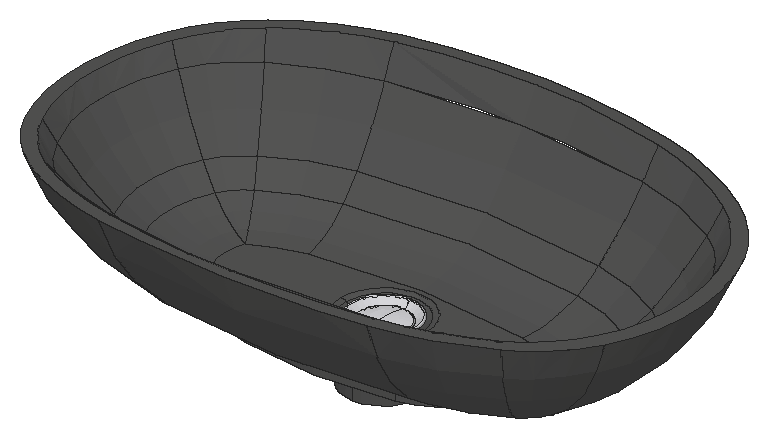
Revit family "Sink-Vessel-Lavatory-KALLISTA-Argile-P70368.rfa_", category Plumbing Fixtures, host Face, Revit 2021
Family settings
  Host = Face
  Round Connector Dimension = Use Diameter
  Part Type = Normal
  OmniClass Number = 23.31.13.00
  OmniClass Title = Sinks
  Cut with Voids When Loaded = No
  Shared = No
  Room Calculation Point = No
Parameters (values of type "HB1-Honed Black")
  Width = 13 7/256"  # constant formula
  WaterSense Certified = 1 = 0  # no
  Waste Water Outlet = "Waste Water Outlet"  # constant formula
  Waste Connection = 1 = 1  # yes
  Vent Connection = 1 = 0  # no
  URL = "https://www.kallista.com/"
  Type = 1
  Product Page URL = ""
  Product Name = "Argile"  # constant formula
  Product Documentation Link = ""
  Model = if(Type = 1, "P70368-00-HB1", if(Type = 2, "P70368-00-HW1", "NA"))  # "P70368-00-HB1"
  Material = "Cast Stone"  # constant formula
  Master Format 2014 Name = "Residential Lavatories and Sinks"  # constant formula
  Master Format 2014 = "22 41 16"  # constant formula
  Manufacturer Address = "444 Highland Dr.Kohler, WI 53044"  # constant formula
  Manufacturer = "Kallista Co."  # constant formula
  Length = 19 63/64"  # constant formula
  Hot Water Inlet = "Hot Water Inlet"  # constant formula
  Height = 5 27/32"  # constant formula
  HW Connection = 1 = 0  # no
  Finish = Kallista-Cast_Stone-HB1-Honed_Black
  Environmental Product Declaration = ""
  Drain Included = 1 = 0  # no
  Description = "Edge Vessel"  # constant formula
  Default Elevation = 36"
  Declare Label = ""
  Date Modified = "02/06/2024"  # constant formula
  Date Created = "02/06/2024"  # constant formula
  Copyright = "Copyright Kallista Co."  # constant formula
  Contact Us = "https://www.kallista.com/corporate/contact-us/"
  Cold Water Inlet = "Cold Water Inlet"  # constant formula
  CW Connection = 1 = 0  # no
  Assembly Code = "D2010400"
  ADA Compliant = 1 = 0  # no
Types (3): name | Type | Product Page URL | Product Documentation Link | Model | Finish
  (no name) | 1 | "" | "" | "P70368-00-HB1" | Kallista-Cast_Stone-HB1-Honed_Black
  HB1-Honed Black | 1 | "" | "" | "P70368-00-HB1" | Kallista-Cast_Stone-HB1-Honed_Black
  HW1-Honed White | 2 | "https://www.kallista.com/bathroom/sinks/vessels/argile-by-workshop-apd-vessel-p70368-00-hw1" | "https://resources.kohler.com/interiors/kallista/pdf/1377393-4.pdf" | "P70368-00-HW1" | Kallista-Cast_Stone-HW1-Honed_White
Reference planes (in)
  plane 1 "Center (Front/Back)": y = 0
  plane 2: z = 0
  plane 3 "Center (Left/Right)": x = 0
  plane 4: y = 6.51312
  plane 5: y = -6.51422
  plane 6: x = 9.98916
  plane 7: x = -9.99522
  plane 8: z = 4.40626
  plane 9: z = -1.43749
Forms (in)
  Extrusion 1, void
    sketch origin (0, 0, 0) x (1, 0, 0) y (0, 1, 0)
      loop
        arc (-2.43929, 2.64554) -> (-4.61565, 0) -> (-2.43929, -2.64554) r 2.69611
        arc (-2.43929, -2.64554) -> (0, -2.88288) -> (2.43929, -2.64554) r 12.65359
        arc (2.43929, -2.64554) -> (4.61565, 0) -> (2.43929, 2.64554) r 2.69611
        arc (2.43929, 2.64554) -> (0, 2.88288) -> (-2.43929, 2.64554) r 12.65359
    from -1.4366 to 0
Dimensions and locks (in)
  "Length": plane 7 to plane 6
  "Width": plane 4 to plane 5
  "Height": plane 8 to plane 9
  aligned and locked: plane 2 to host face
  aligned and locked: level to host face
Automatic sketch dimensions
  host sketch curve to host sketch curve = 96"  (x2)
  plane 1 "Center (Front/Back)" to Extrusion 1 sketch curve = 0"  (x2)
  Extrusion 1 sketch curve to plane 3 "Center (Left/Right)" = 0"  (x2)
  Extrusion 1 sketch curve to plane 3 "Center (Left/Right)" = 1.91954"
  plane 3 "Center (Left/Right)" to Extrusion 1 sketch curve = 1.91954"
  Extrusion 1 sketch curve to plane 5 = 3.25648"
  plane 4 to Extrusion 1 sketch curve = 3.25759"
  Extrusion 1 sketch curve to plane 3 "Center (Left/Right)" = 2.43929"  (x2)
  Extrusion 1 sketch curve to Extrusion 1 sketch curve = 0"  (x2)
Nested families (in)
  nested 1: "P70368" at (0, 0, 0), type "P70368"
Definition of nested family "P70368"
  Parameters
    Material = none
    Default Elevation = 0"
  Reference planes (in)
    plane 1 "Center (Front/Back)": y = 0
    plane 2: z = 0
    plane 3 "Center (Left/Right)": x = 0
    plane 4: x = 9.98916
    plane 5: x = -9.99572
    plane 6: z = -1.4366
    plane 7: y = 6.51312
    plane 8: y = -6.51465
    plane 9: z = 4.40626
  Forms (in)
    Sweep 1, solid, material <- "Material", detail levels medium+fine
      path origin (0, 0, 0) x (1, 0, 0) y (0, 1, 0)
        loop
          arc (-4.32192, 6.06221) -> (-6.01707, 5.58478) -> (-7.59236, 4.79745) r 9.33418
          arc (-7.59236, 4.79745) -> (-8.62435, 3.93515) -> (-9.38211, 2.82413) r 4.88497
          arc (-9.38211, 2.82413) -> (-10.04408, 0) -> (-9.38211, -2.82413) r 6.35524
          arc (-9.38211, -2.82413) -> (-8.62435, -3.93515) -> (-7.59236, -4.79745) r 4.88497
          arc (-7.59236, -4.79745) -> (-6.01707, -5.58478) -> (-4.32192, -6.06221) r 9.33418
          arc (-4.32192, -6.06221) -> (0, -6.45237) -> (4.32192, -6.06221) r 24.13292
          arc (4.32192, -6.06221) -> (6.01707, -5.58478) -> (7.59236, -4.79745) r 9.33418
          arc (7.59236, -4.79745) -> (8.62435, -3.93515) -> (9.38211, -2.82413) r 4.88497
          arc (9.38211, -2.82413) -> (10.04408, 0) -> (9.38211, 2.82413) r 6.35524
          arc (9.38211, 2.82413) -> (8.62435, 3.93515) -> (7.59236, 4.79745) r 4.88497
          arc (7.59236, 4.79745) -> (6.01707, 5.58478) -> (4.32192, 6.06221) r 9.33418
          arc (4.32192, 6.06221) -> (0, 6.45237) -> (-4.32192, 6.06221) r 24.13292
      profile origin (-10.04408, 0, 0) x (-1, 0, 0) y (0, 0, 1)
        loop
          line (0.14724, 4.73441) -> (-0.16412, 4.73441)
          arc (-0.16412, 4.73441) -> (-0.50733, 4.1169) -> (-0.86407, 3.50711) r 32.04005
          arc (-0.86407, 3.50711) -> (-1.54047, 2.51931) -> (-2.33036, 1.61968) r 9.97303
          arc (-2.33036, 1.61968) -> (-2.67351, 1.30758) -> (-3.04729, 1.03291) r 4.44849
          arc (-3.04729, 1.03291) -> (-3.92506, 0.62376) -> (-4.88328, 0.48346) r 3.34219
          line (-4.88328, 0.48346) -> (-4.88328, 0.08976)
          arc (-4.88328, 0.08976) -> (-4.01437, 0.1973) -> (-3.1979, 0.51344) r 3.564
          arc (-3.1979, 0.51344) -> (-1.08864, 2.27784) -> (0.14724, 4.73441) r 6.78576
    Revolve 2, solid, material <- "Material", detail levels medium+fine
      sketch origin (0, 0, 0) x (0, 1, 0) y (0, 0, 1)
        loop
          line (0.59055, -1.4366) -> (1.25765, -1.4366) -> (1.30839, -0.32442)
          arc (1.30839, -0.32442) -> (1.40289, -0.03891) -> (1.63232, 0.15552) r 0.55559
          line (1.63232, 0.15552) -> (0.59055, 0.15552) -> (0.59055, -1.4366)
        axis (0, 0.15552) -> (0, -1.4366)
      angle from 0 to 360
    Revolve 3, solid, detail levels medium+fine
      sketch origin (0, 0, 0) x (0, 1, 0) y (0, 0, 1)
        loop
          arc (0.75418, 0.33515) -> (0.38031, 0.40911) -> (0, 0.4339) r 2.92941
          line (0, 0.4339) -> (0, -1.38472) -> (0.13032, -1.38472) -> (0.13032, -1.10325) -> (0.31326, -1.10325) -> (0.31326, -0.95971) -> (0.37394, -0.95971) -> (0.37394, -0.12944) -> (0.43502, -0.12944) -> (0.43502, -0.08804) -> (0.47983, 0.0421)
          arc (0.47983, 0.0421) -> (0.46065, 0.05172) -> (0.45292, 0.07174) r 0.02977
          line (0.45292, 0.07174) -> (0.45292, 0.20999)
          arc (0.45292, 0.20999) -> (0.45883, 0.22427) -> (0.47312, 0.23019) r 0.0202
          line (0.47312, 0.23019) -> (0.53008, 0.23019) -> (0.53008, 0.27028) -> (0.7599, 0.27028) -> (0.76957, 0.30907)
          arc (0.76957, 0.30907) -> (0.76722, 0.32526) -> (0.75418, 0.33515) r 0.02159
        loop
          line (0.70224, -0.19772) -> (0.74221, -0.19772) -> (0.78912, 0.18437) -> (1.04845, 0.4437)
          arc (1.04845, 0.4437) -> (1.04845, 0.4764) -> (1.01574, 0.4764) r 0.02313
          line (1.01574, 0.4764) -> (0.75272, 0.21337) -> (0.70224, -0.19772)
        axis (0, -1.38472) -> (0, 0.4764)
      angle from 0 to 360
    Extrusion 4, solid, material <- "Material", detail levels medium+fine
      sketch origin (0, 0, 0) x (1, 0, 0) y (0, 1, 0)
        loop
          arc (-5.00726, -0.65454) -> (-4.25592, -1.03014) -> (-3.44739, -1.25788) r 4.4509
          arc (-3.44739, -1.25788) -> (0, -1.56909) -> (3.44739, -1.25788) r 19.24964
          arc (3.44739, -1.25788) -> (4.25592, -1.03014) -> (5.00726, -0.65454) r 4.4509
          arc (5.00726, -0.65454) -> (5.1608, 0) -> (5.00726, 0.65454) r 1.47196
          arc (5.00726, 0.65454) -> (4.25592, 1.03014) -> (3.44739, 1.25788) r 4.4509
          arc (3.44739, 1.25788) -> (0, 1.56909) -> (-3.44739, 1.25788) r 19.24964
          arc (-3.44739, 1.25788) -> (-4.25592, 1.03014) -> (-5.00726, 0.65454) r 4.4509
          arc (-5.00726, 0.65454) -> (-5.1608, 0) -> (-5.00726, -0.65454) r 1.47196
      from 0.08976 to 0.48346
    Sweep 5, void
      path origin (0, 0, 0) x (1, 0, 0) y (0, 0, 1)
        loop
          arc (-11.86746, 3.95344) -> (0.04197, 4.45204) -> (11.95144, 3.95473) r 142.66776
      profile origin (0.04197, 0, 4.45204) x (-0.000054, 0, 1) y (0, -1, 0)
        loop
          line (-0.01122, 6.64706) -> (-0.01122, -6.73877) -> (0.97303, -6.73877) -> (0.97303, 6.64706) -> (-0.01122, 6.64706)
    Revolve 6, void
      sketch origin (0, 0, 0) x (1, 0, 0) y (0, 0, 1)
        loop
          line (-1.22748, 0.43125) -> (-0.88813, 0.19363)
          arc (-0.88813, 0.19363) -> (-0.87446, 0.16995) -> (-0.86971, 0.14302) r 0.07874
          line (-0.86971, 0.14302) -> (-0.86971, -1.14464) -> (0, -1.14464) -> (0, 0.48346) -> (-1.39306, 0.48346)
          arc (-1.39306, 0.48346) -> (-1.30625, 0.4701) -> (-1.22748, 0.43125) r 0.28867
        axis (0, -1.14464) -> (0, 0.48346)
      angle from 0 to 360
    Sweep 7, solid, material <- "Material", detail levels coarse
      path origin (0, 0, 0) x (1, 0, 0) y (0, 1, 0)
        loop
          arc (-4.32192, 6.06221) -> (-6.01707, 5.58478) -> (-7.59236, 4.79745) r 9.33418
          arc (-7.59236, 4.79745) -> (-8.62435, 3.93515) -> (-9.38211, 2.82413) r 4.88497
          arc (-9.38211, 2.82413) -> (-10.04408, 0) -> (-9.38211, -2.82413) r 6.35524
          arc (-9.38211, -2.82413) -> (-8.62435, -3.93515) -> (-7.59236, -4.79745) r 4.88497
          arc (-7.59236, -4.79745) -> (-6.01707, -5.58478) -> (-4.32192, -6.06221) r 9.33418
          arc (-4.32192, -6.06221) -> (0, -6.45237) -> (4.32192, -6.06221) r 24.13292
          arc (4.32192, -6.06221) -> (6.01707, -5.58478) -> (7.59236, -4.79745) r 9.33418
          arc (7.59236, -4.79745) -> (8.62435, -3.93515) -> (9.38211, -2.82413) r 4.88497
          arc (9.38211, -2.82413) -> (10.04408, 0) -> (9.38211, 2.82413) r 6.35524
          arc (9.38211, 2.82413) -> (8.62435, 3.93515) -> (7.59236, 4.79745) r 4.88497
          arc (7.59236, 4.79745) -> (6.01707, 5.58478) -> (4.32192, 6.06221) r 9.33418
          arc (4.32192, 6.06221) -> (0, 6.45237) -> (-4.32192, 6.06221) r 24.13292
      profile origin (-10.04408, 0, 0) x (-1, 0, 0) y (0, 0, 1)
        loop
          line (0.05028, 4.40626) -> (-0.45478, 4.40626)
          arc (-0.45478, 4.40626) -> (-0.6572, 4.05381) -> (-0.86407, 3.70396) r 32.04005
          arc (-0.86407, 3.70396) -> (-1.54047, 2.71616) -> (-2.33036, 1.81653) r 9.97303
          arc (-2.33036, 1.81653) -> (-2.67351, 1.50443) -> (-3.04729, 1.22976) r 4.44849
          arc (-3.04729, 1.22976) -> (-3.92506, 0.82061) -> (-4.88328, 0.68031) r 3.34219
          line (-4.88328, 0.68031) -> (-4.88328, 0.08976)
          arc (-4.88328, 0.08976) -> (-4.01437, 0.1973) -> (-3.1979, 0.51344) r 3.564
          arc (-3.1979, 0.51344) -> (-1.19659, 2.1451) -> (0.05028, 4.40626) r 6.78576
    Extrusion 8, solid, material <- "Material", detail levels coarse
      sketch origin (0, 0, 0) x (1, 0, 0) y (0, 1, 0)
        loop
          arc (-5.00726, 0.65454) -> (-5.1608, 0) -> (-5.00726, -0.65454) r 1.47196
          arc (-5.00726, -0.65454) -> (-4.25592, -1.03014) -> (-3.44739, -1.25788) r 4.4509
          arc (-3.44739, -1.25788) -> (0, -1.56909) -> (3.44739, -1.25788) r 19.24964
          arc (3.44739, -1.25788) -> (4.25592, -1.03014) -> (5.00726, -0.65454) r 4.4509
          arc (5.00726, -0.65454) -> (5.1608, 0) -> (5.00726, 0.65454) r 1.47196
          arc (5.00726, 0.65454) -> (4.25592, 1.03014) -> (3.44739, 1.25788) r 4.4509
          arc (3.44739, 1.25788) -> (0, 1.56909) -> (-3.44739, 1.25788) r 19.24964
          arc (-3.44739, 1.25788) -> (-4.25592, 1.03014) -> (-5.00726, 0.65454) r 4.4509
      from 0.08976 to 0.68031
    Revolve 9, solid, material <- "Material", detail levels coarse
      sketch origin (0, 0, 0) x (0, 1, 0) y (0, 0, 1)
        loop
          line (0, -1.4366) -> (1.37795, -1.4366) -> (1.37795, 0.15552) -> (0, 0.15552) -> (0, -1.4366)
        axis (0, 0.15552) -> (0, -1.4366)
      angle from 0 to 360
    Extrusion 10, solid, material <- "Material", detail levels medium+fine
      sketch origin (0, 0, 0) x (1, 0, 0) y (0, 1, 0)
        loop
          arc (-2.4295, -2.59571) -> (0, -2.8321) -> (2.4295, -2.59571) r 12.60281
          arc (2.4295, -2.59571) -> (4.56487, 0) -> (2.4295, 2.59571) r 2.64533
          arc (2.4295, 2.59571) -> (0, 2.8321) -> (-2.4295, 2.59571) r 12.60281
          arc (-2.4295, 2.59571) -> (-4.56487, 0) -> (-2.4295, -2.59571) r 2.64533
      from -0.00782 to 0.4013
  Cuts and joins
    Sweep 5, Revolve 6 cuts Sweep 1
    Revolve 6 cuts Extrusion 4
    Revolve 6 cuts Extrusion 10
    joined: Sweep 1, Extrusion 4, Extrusion 10
    joined: Sweep 7, Extrusion 8, Revolve 9
  Lines and regions (in)
    Masking region 1
      outline origin (0, 0, 0) x (1, 0, 0) y (0, 1, 0)
        loop
          spline (-7.62124, 4.77009) -> (-7.80152, 4.64553) -> (-7.97606, 4.51304) -> (-8.14452, 4.37287) -> (-8.30654, 4.2253) -> (-8.46181, 4.07064) -> (-8.61003, 3.90918) -> (-8.75089, 3.74125) -> (-8.88411, 3.5672) -> (-9.00943, 3.38735) -> (-9.12659, 3.20208) -> (-9.23537, 3.01175) -> (-9.33554, 2.81674)
          spline (-9.33554, 2.81674) -> (-9.53489, 2.37218) -> (-9.69957, 1.91414) -> (-9.82863, 1.44521) -> (-9.92134, 0.96806) -> (-9.97718, 0.4854) -> (-9.99583, -0.00002) -> (-9.97718, -0.48543) -> (-9.92133, -0.96809) -> (-9.82862, -1.44524) -> (-9.69956, -1.91417) -> (-9.53488, -2.37221) -> (-9.33553, -2.81676)
          spline (-9.33553, -2.81676) -> (-9.23531, -3.01181) -> (-9.12649, -3.20218) -> (-9.00929, -3.38748) -> (-8.88393, -3.56736) -> (-8.75067, -3.74145) -> (-8.60977, -3.90939) -> (-8.46153, -4.07087) -> (-8.30622, -4.22555) -> (-8.14416, -4.37313) -> (-7.97569, -4.51331) -> (-7.80112, -4.64581) -> (-7.62081, -4.77037)
          spline (-7.62081, -4.77037) -> (-7.37106, -4.92775) -> (-7.11638, -5.07704) -> (-6.85702, -5.2181) -> (-6.59327, -5.35076) -> (-6.32538, -5.4749) -> (-6.05364, -5.59039) -> (-5.77832, -5.6971) -> (-5.4997, -5.79494) -> (-5.21808, -5.88379) -> (-4.93374, -5.96357) -> (-4.64698, -6.0342) -> (-4.35809, -6.0956)
          spline (-4.35809, -6.0956) -> (-3.63854, -6.22306) -> (-2.9152, -6.32754) -> (-2.18883, -6.40892) -> (-1.46017, -6.46713) -> (-0.72999, -6.5021) -> (0.00095, -6.5138) -> (0.73189, -6.50221) -> (1.46208, -6.46734) -> (2.19075, -6.40924) -> (2.91715, -6.32796) -> (3.64051, -6.22358) -> (4.36009, -6.09622)
          spline (4.36009, -6.09622) -> (4.64885, -6.03484) -> (4.93549, -5.96426) -> (5.2197, -5.88452) -> (5.50119, -5.79574) -> (5.77969, -5.69798) -> (6.05489, -5.59136) -> (6.32652, -5.47597) -> (6.5943, -5.35195) -> (6.85795, -5.21942) -> (7.1172, -5.07851) -> (7.37179, -4.92938) -> (7.62146, -4.77216)
          spline (7.62146, -4.77216) -> (7.79928, -4.6495) -> (7.97154, -4.51912) -> (8.13789, -4.38127) -> (8.29801, -4.23622) -> (8.45159, -4.08426) -> (8.59834, -3.92567) -> (8.73796, -3.76077) -> (8.8702, -3.58987) -> (8.99479, -3.4133) -> (9.11148, -3.23141) -> (9.22007, -3.04456) -> (9.32032, -2.85309)
          spline (9.32032, -2.85309) -> (9.52213, -2.40366) -> (9.68888, -1.94019) -> (9.81962, -1.46539) -> (9.91358, -0.98203) -> (9.9702, -0.49293) -> (9.98916, -0.00096) -> (9.97035, 0.49102) -> (9.91387, 0.98013) -> (9.82006, 1.46352) -> (9.68946, 1.93836) -> (9.52285, 2.40188) -> (9.32118, 2.85137)
          spline (9.32118, 2.85137) -> (9.22091, 3.04299) -> (9.11231, 3.23) -> (8.99559, 3.41203) -> (8.87098, 3.58874) -> (8.73871, 3.75978) -> (8.59904, 3.92481) -> (8.45224, 4.08352) -> (8.29861, 4.23561) -> (8.13843, 4.38076) -> (7.97202, 4.51871) -> (7.7997, 4.64919) -> (7.62181, 4.77193)
          spline (7.62181, 4.77193) -> (7.37215, 4.92917) -> (7.11758, 5.07833) -> (6.85834, 5.21926) -> (6.59471, 5.35181) -> (6.32695, 5.47584) -> (6.05534, 5.59123) -> (5.78016, 5.69786) -> (5.50169, 5.79562) -> (5.22023, 5.88442) -> (4.93604, 5.96415) -> (4.64944, 6.03473) -> (4.36071, 6.0961)
          spline (4.36071, 6.0961) -> (3.64113, 6.22348) -> (2.91776, 6.32788) -> (2.19137, 6.40918) -> (1.46269, 6.4673) -> (0.73251, 6.50219) -> (0.00156, 6.5138) -> (-0.72939, 6.50212) -> (-1.45957, 6.46717) -> (-2.18823, 6.40898) -> (-2.91461, 6.32762) -> (-3.63795, 6.22316) -> (-4.35751, 6.09571)
          spline (-4.35751, 6.09571) -> (-4.6465, 6.03429) -> (-4.93336, 5.96364) -> (-5.2178, 5.88383) -> (-5.49951, 5.79495) -> (-5.77822, 5.69708) -> (-6.05363, 5.59033) -> (-6.32545, 5.47481) -> (-6.59342, 5.35064) -> (-6.85725, 5.21794) -> (-7.11667, 5.07685) -> (-7.37142, 4.92751) -> (-7.62124, 4.77009)
    Masking region 2
      outline origin (0, 0, 0) x (1, 0, 0) y (0, 0, 1)
        loop
          arc (-9.98393, 4.0917) -> (-9.72938, 3.47241) -> (-9.40152, 2.8886) r 5.5044
          arc (-9.40152, 2.8886) -> (-8.46654, 1.7241) -> (-7.31132, 0.77767) r 7.19599
          arc (-7.31132, 0.77767) -> (-6.37589, 0.31737) -> (-5.35559, 0.10312) r 4.17611
          line (-5.35559, 0.10312) -> (-5.04608, 0.03167) -> (-5.04608, 0) -> (-1.62167, 0)
          arc (-1.62167, 0) -> (-1.40588, -0.08651) -> (-1.30962, -0.29813) r 0.31237
          line (-1.30962, -0.29813) -> (-1.25765, -1.4366) -> (1.25765, -1.4366) -> (1.30962, -0.29813)
          arc (1.30962, -0.29813) -> (1.40588, -0.08651) -> (1.62167, 0) r 0.31237
          line (1.62167, 0) -> (5.04608, 0) -> (5.04608, 0.03167) -> (5.35559, 0.10312)
          arc (5.35559, 0.10312) -> (6.37589, 0.31737) -> (7.31132, 0.77767) r 4.17611
          arc (7.31132, 0.77767) -> (8.46654, 1.7241) -> (9.40152, 2.8886) r 7.19599
          arc (9.40152, 2.8886) -> (9.73095, 3.47564) -> (9.98625, 4.09851) r 5.5044
          arc (9.98625, 4.09851) -> (0.00104, 4.44498) -> (-9.98393, 4.0917) r 142.65654
    Masking region 3
      outline origin (0, 0, 0) x (0, 1, 0) y (0, 0, 1)
        loop
          arc (5.89773, 4.40626) -> (5.80308, 4.39263) -> (5.70847, 4.37875) r 35.76896
          spline (5.70847, 4.37875) -> (5.6489, 4.37037) -> (5.5805, 4.36158) -> (5.50333, 4.35238) -> (5.41748, 4.34278) -> (5.32303, 4.3328) -> (5.22008, 4.32244) -> (5.10874, 4.31171) -> (4.98913, 4.30063) -> (4.86136, 4.2892) -> (4.72557, 4.27744) -> (4.58191, 4.26536) -> (4.43051, 4.25298)
          spline (4.43051, 4.25298) -> (4.31459, 4.24433) -> (4.19123, 4.23583) -> (4.06067, 4.2275) -> (3.92318, 4.21936) -> (3.77905, 4.21142) -> (3.62856, 4.2037) -> (3.47203, 4.19622) -> (3.30977, 4.18898) -> (3.14212, 4.18201) -> (2.96942, 4.17532) -> (2.79202, 4.16893) -> (2.61028, 4.16283)
          arc (2.61028, 4.16283) -> (0, 4.1207) -> (-2.61028, 4.16283) r 80.88149
          spline (-2.61028, 4.16283) -> (-2.79202, 4.16893) -> (-2.96942, 4.17532) -> (-3.14212, 4.18201) -> (-3.30977, 4.18898) -> (-3.47203, 4.19622) -> (-3.62856, 4.2037) -> (-3.77905, 4.21142) -> (-3.92318, 4.21936) -> (-4.06067, 4.2275) -> (-4.19123, 4.23583) -> (-4.31459, 4.24433) -> (-4.43051, 4.25298)
          spline (-4.43051, 4.25298) -> (-4.58191, 4.26536) -> (-4.72557, 4.27744) -> (-4.86136, 4.2892) -> (-4.98913, 4.30063) -> (-5.10874, 4.31171) -> (-5.22008, 4.32244) -> (-5.32303, 4.3328) -> (-5.41748, 4.34278) -> (-5.50333, 4.35238) -> (-5.5805, 4.36158) -> (-5.6489, 4.37037) -> (-5.70847, 4.37875)
          arc (-5.70847, 4.37875) -> (-5.80308, 4.39263) -> (-5.89773, 4.40626) r 35.76896
          line (-5.89773, 4.40626) -> (-6.50473, 4.40626)
          arc (-6.50473, 4.40626) -> (-6.43896, 4.19441) -> (-6.36472, 3.98539) r 5.50934
          arc (-6.36472, 3.98539) -> (-5.96022, 3.0287) -> (-5.48315, 2.10606) r 13.45766
          arc (-5.48315, 2.10606) -> (-5.1316, 1.59148) -> (-4.69937, 1.14253) r 3.73444
          arc (-4.69937, 1.14253) -> (-4.42734, 0.90537) -> (-4.15351, 0.67029) r 47.41758
          arc (-4.15351, 0.67029) -> (-3.86363, 0.43285) -> (-3.56479, 0.20681) r 9.68575
          arc (-3.56479, 0.20681) -> (-3.4493, 0.13883) -> (-3.32295, 0.09419) r 0.6975
          arc (-3.32295, 0.09419) -> (-3.26939, 0.0753) -> (-3.22041, 0.04657) r 0.29706
          line (-3.22041, 0.04657) -> (-3.22041, 0) -> (-1.61591, 0)
          arc (-1.61591, 0) -> (-1.41065, -0.08189) -> (-1.31813, -0.28258) r 0.29819
          line (-1.31813, -0.28258) -> (-1.25765, -1.4366) -> (1.25765, -1.4366) -> (1.31813, -0.28258)
          arc (1.31813, -0.28258) -> (1.41065, -0.08189) -> (1.61591, 0) r 0.29819
          line (1.61591, 0) -> (3.22041, 0) -> (3.22041, 0.04657)
          arc (3.22041, 0.04657) -> (3.26939, 0.0753) -> (3.32295, 0.09419) r 0.29706
          arc (3.32295, 0.09419) -> (3.4493, 0.13883) -> (3.56479, 0.20681) r 0.6975
          arc (3.56479, 0.20681) -> (3.86363, 0.43285) -> (4.15351, 0.67029) r 9.68575
          arc (4.15351, 0.67029) -> (4.42734, 0.90537) -> (4.69937, 1.14253) r 47.41758
          arc (4.69937, 1.14253) -> (5.1316, 1.59148) -> (5.48315, 2.10606) r 3.73444
          arc (5.48315, 2.10606) -> (5.96022, 3.0287) -> (6.36472, 3.98539) r 13.45766
          arc (6.36472, 3.98539) -> (6.43896, 4.19441) -> (6.50473, 4.40626) r 5.50934
          line (6.50473, 4.40626) -> (5.89773, 4.40626)
    symbolic lines, detail levels medium+fine
      curve 1: spline (-4.30484, 5.6972, 0) -> (-3.59486, 5.82819, 0) -> (-2.88084, 5.93559, 0) -> (-2.16358, 6.01928, 0) -> (-1.44389, 6.07917, 0) -> (-0.72258, 6.11519, 0) -> (-0.00045, 6.12731, 0) -> (0.72169, 6.1155, 0) -> (1.44302, 6.07979, 0) -> (2.16274, 6.0202, 0) -> (2.88004, 5.93682, 0) -> (3.59412, 5.82972, 0) -> (4.30416, 5.69904, 0)
      curve 2: spline (-7.40096, 4.40502, 0) -> (-7.1645, 4.55731, 0) -> (-6.92327, 4.70192, 0) -> (-6.6775, 4.83871, 0) -> (-6.42746, 4.96753, 0) -> (-6.17339, 5.08826, 0) -> (-5.91557, 5.20076, 0) -> (-5.65425, 5.30492, 0) -> (-5.38971, 5.40064, 0) -> (-5.12222, 5.48781, 0) -> (-4.85206, 5.56635, 0) -> (-4.5795, 5.63617, 0) -> (-4.30484, 5.6972, 0)
      curve 3: spline (-8.9466, 2.61153, 0) -> (-8.85663, 2.78981, 0) -> (-8.75885, 2.96392, 0) -> (-8.65346, 3.13351, 0) -> (-8.54065, 3.29826, 0) -> (-8.42066, 3.45783, 0) -> (-8.29371, 3.61191, 0) -> (-8.16007, 3.7602, 0) -> (-8.01999, 3.90241, 0) -> (-7.87374, 4.03826, 0) -> (-7.72162, 4.16748, 0) -> (-7.56392, 4.28981, 0) -> (-7.40096, 4.40502, 0)
      curve 4: spline (-8.94601, -2.61296, 0) -> (-9.12466, -2.20003, 0) -> (-9.2722, -1.77495, 0) -> (-9.38782, -1.34006, 0) -> (-9.47088, -0.89777, 0) -> (-9.52092, -0.45051, 0) -> (-9.53768, -0.00077, 0) -> (-9.52104, 0.44897, 0) -> (-9.47111, 0.89624, 0) -> (-9.38816, 1.33855, 0) -> (-9.27265, 1.77347, 0) -> (-9.12522, 2.19859, 0) -> (-8.94668, 2.61156, 0)
      curve 5: spline (-7.40123, -4.40484, 0) -> (-7.56408, -4.28971, 0) -> (-7.72167, -4.16747, 0) -> (-7.87368, -4.03835, 0) -> (-8.01983, -3.90261, 0) -> (-8.15982, -3.76052, 0) -> (-8.29338, -3.61236, 0) -> (-8.42025, -3.45842, 0) -> (-8.54017, -3.29899, 0) -> (-8.65291, -3.13441, 0) -> (-8.75826, -2.96497, 0) -> (-8.856, -2.79103, 0) -> (-8.94593, -2.61292, 0)
      curve 6: spline (-4.30418, -5.69733, 0) -> (-4.57894, -5.63629, 0) -> (-4.85159, -5.56645, 0) -> (-5.12184, -5.48789, 0) -> (-5.38942, -5.40069, 0) -> (-5.65404, -5.30495, 0) -> (-5.91544, -5.20076, 0) -> (-6.17334, -5.08823, 0) -> (-6.42748, -4.96748, 0) -> (-6.67759, -4.83863, 0) -> (-6.92343, -4.70181, 0) -> (-7.16472, -4.55716, 0) -> (-7.40123, -4.40484, 0)
      curve 7: spline (4.30481, -5.69891, 0) -> (3.59477, -5.82961, 0) -> (2.8807, -5.93673, 0) -> (2.1634, -6.02014, 0) -> (1.44368, -6.07974, 0) -> (0.72235, -6.11548, 0) -> (0.00021, -6.12731, 0) -> (-0.72192, -6.11522, 0) -> (-1.44323, -6.07921, 0) -> (-2.16292, -6.01935, 0) -> (-2.88018, -5.93568, 0) -> (-3.5942, -5.8283, 0) -> (-4.30418, -5.69733, 0)
      curve 8: spline (7.40252, -4.40742, 0) -> (7.16593, -4.55969, 0) -> (6.92456, -4.70427, 0) -> (6.67866, -4.84102, 0) -> (6.42848, -4.9698, 0) -> (6.17428, -5.09048, 0) -> (5.91632, -5.20293, 0) -> (5.65487, -5.30703, 0) -> (5.3902, -5.40268, 0) -> (5.12258, -5.48978, 0) -> (4.85229, -5.56824, 0) -> (4.5796, -5.63797, 0) -> (4.30481, -5.69891, 0)
      curve 9: spline (8.94967, -2.61308, 0) -> (8.8596, -2.79147, 0) -> (8.76173, -2.96568, 0) -> (8.65622, -3.13536, 0) -> (8.54331, -3.3002, 0) -> (8.42319, -3.45985, 0) -> (8.29613, -3.61401, 0) -> (8.16235, -3.76237, 0) -> (8.02213, -3.90464, 0) -> (7.87575, -4.04055, 0) -> (7.72348, -4.16981, 0) -> (7.56564, -4.29218, 0) -> (7.40252, -4.40742, 0)
      curve 10: spline (8.94909, 2.61449, 0) -> (9.12791, 2.20133, 0) -> (9.27559, 1.77601, 0) -> (9.39133, 1.34086, 0) -> (9.47447, 0.8983, 0) -> (9.52456, 0.45078, 0) -> (9.54133, 0.00076, 0) -> (9.52468, -0.44926, 0) -> (9.47469, -0.8968, 0) -> (9.39166, -1.33938, 0) -> (9.27604, -1.77455, 0) -> (9.12846, -2.19991, 0) -> (8.94974, -2.61311, 0)
      curve 11: spline (7.40278, 4.40725, 0) -> (7.56578, 4.29209, 0) -> (7.72352, 4.1698, 0) -> (7.87568, 4.04064, 0) -> (8.02197, 3.90484, 0) -> (8.1621, 3.76269, 0) -> (8.29579, 3.61446, 0) -> (8.42279, 3.46044, 0) -> (8.54283, 3.30093, 0) -> (8.65569, 3.13625, 0) -> (8.76114, 2.96672, 0) -> (8.85898, 2.79267, 0) -> (8.94901, 2.61445, 0)
      curve 12: spline (4.30416, 5.69904, 0) -> (4.57905, 5.63808, 0) -> (4.85182, 5.56833, 0) -> (5.1222, 5.48986, 0) -> (5.3899, 5.40273, 0) -> (5.65465, 5.30706, 0) -> (5.91618, 5.20293, 0) -> (6.17422, 5.09046, 0) -> (6.42849, 4.96976, 0) -> (6.67874, 4.84094, 0) -> (6.92471, 4.70416, 0) -> (7.16614, 4.55955, 0) -> (7.40278, 4.40725, 0)
      curve 13: circle (0, 0, 0) r 1.25765 normal (0, 0, 1)
      curve 15: circle (0, 0, 0) r 1.05938 normal (0, 0, 1)
      curve 16: line (-5.04608, 0, 0.03167) -> (5.04608, 0, 0.03167)
      curve 17: line (0, 3.22041, 0.04657) -> (0, -3.22041, 0.04657)
      curve 18: line (-1.62167, 0, 0) -> (1.62167, 0, 0)
      curve 19: line (0, 1.61591, 0) -> (0, -1.61591, 0)
    symbolic lines
      curve 14: circle (0, 0, 0) r 0.77128 normal (0, 0, 1)
  Dimensions and locks (in)
    aligned and locked: plane 2 to level
